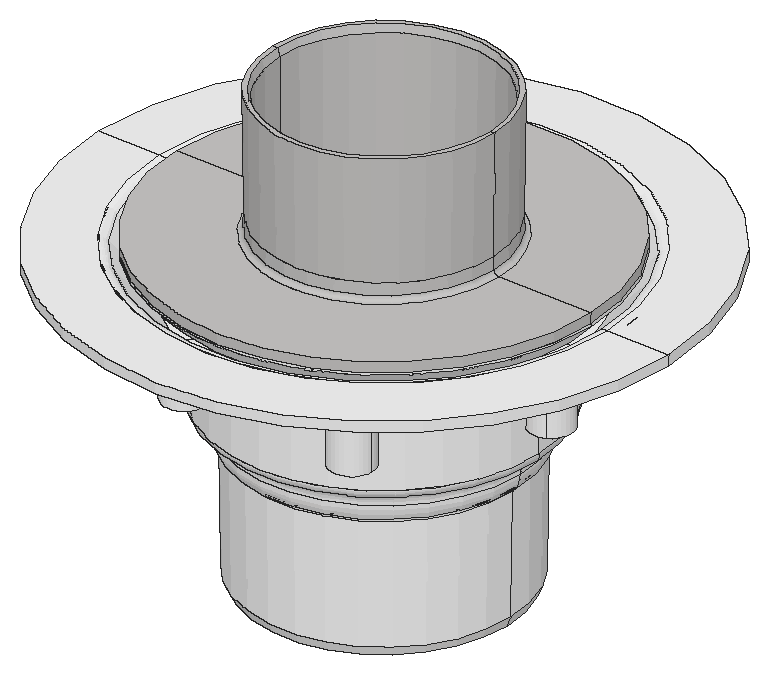
Revit family "3000.119 & 120 DPJ 80x100", category Plumbing Fixtures, Revit 2019
Family settings
  Round Connector Dimension = Use Diameter
  Part Type = Normal
  OmniClass Number = 23.45.00.00
  Work Plane-Based = No
  Always vertical = Yes
  Cut with Voids When Loaded = No
  Shared = No
  Room Calculation Point = No
Parameters (values of type "DPJ 80x100nv")
  Waste Connection = yes
  Vent Connection = no
  V = not(NV)  # no
  URL = "www.aquaknight.co.nz"
  Phone = "+6498322214"  # constant formula
  NV = yes
  Model = "3000.120"
  Manufacturer = "Aquanight Industries Ltd"  # constant formula
  Inlet = 31.5 mm
  HW Connection = no
  Email = "info@aquaknight.co.nz"  # constant formula
  Description = "DownPipe Junction 80x100 non-vented"
  CW Connection = no
Types (2, lengths in mm): name | V | NV | Model | Inlet | Description
  DPJ 80x100v | yes | no | "3000.119" | 25.5 | "DownPipe Junction 80x100 vented"
  DPJ 80x100nv | no | yes | "3000.120" | 31.5 | "DownPipe Junction 80x100 non-vented"
Reference planes
  plane 1 "Center (Front/Back)": y = 0
  plane 2: z = 0
  plane 3 "Center (Left/Right)": x = 0
  plane 4: z = -95
  plane 5: z = 31.5
Forms (mm)
  Revolve 1, solid, material "Plastic, Glossy White"
    sketch origin (0, 0, -4) x (1, 0, 0) y (0, 0, 1)
      loop
        line (72.739, -12.5) -> (58.75, -12.5) -> (58.418, -50.494)
        arc (58.418, -50.494) -> (53.232, -54.057) -> (51.2, -60.012) r 10
        arc (51.2, -60.012) -> (50.504, -63.207) -> (48.588, -65.857) r 8
        line (48.588, -65.857) -> (47.921, -116.857) -> (49.9, -116.857) -> (51.4, -113.357) -> (52, -67.477)
        arc (52, -67.477) -> (52.488, -66.33) -> (53.642, -65.857) r 1.642
        arc (53.642, -65.857) -> (54.791, -63.051) -> (55.2, -60.047) r 12
        arc (55.2, -60.047) -> (56.482, -56.392) -> (59.73, -54.282) r 6
        arc (59.73, -54.282) -> (61.906, -52.862) -> (62.75, -50.404) r 4
        line (62.75, -50.404) -> (62.75, -19.5) -> (74.07, -19.5)
        arc (74.07, -19.5) -> (76.898, -18.328) -> (78.07, -15.5) r 4
        line (78.07, -15.5) -> (78.07, -13.633)
        arc (78.07, -13.633) -> (78.244, -12.717) -> (78.742, -11.928) r 2.5
        line (78.742, -11.928) -> (89.123, -0.795)
        arc (89.123, -0.795) -> (89.955, -0.207) -> (90.951, 0) r 2.5
        line (90.951, 0) -> (115, 0) -> (115, 4) -> (90.299, 4)
        arc (90.299, 4) -> (88.306, 3.585) -> (86.643, 2.41) r 5
        line (86.643, 2.41) -> (72.739, -12.5)
      loop
        line (59.25, -5.1) -> (75.5, -5.1) -> (83.653, 3.053) -> (83.653, 4) -> (75.25, 4) -> (75.25, -0.6) -> (59.25, -0.6) -> (59.25, -5.1)
      axis (0, 4) -> (0, -116.857)
    angle from 0 to 360
  Extrusion 2, solid, material "Plastic, Glossy White", detail levels fine
    sketch origin (0, 0, -4) x (1, 0, 0) y (0, 1, 0)
      loop
        circle (67.55, 0) r 8.2
      loop
        circle (33.775, 58.5) r 8.2
      loop
        circle (33.775, -58.5) r 8.2
      loop
        circle (-67.55, 0) r 8.2
      loop
        circle (-33.775, 58.5) r 8.2
      loop
        circle (-33.775, -58.5) r 8.2
    from -38.379 to -12.5
  Extrusion 3, void
    sketch origin (0, -279.02, 0) x (1, 0, 0) y (0, 1, 0)
      loop
        arc (-0.18, 349.42) -> (-3.971, 349.308) -> (-7.75, 348.992) r 70.4
        line (-7.75, 348.992) -> (-4.36, 325.565) -> (-0.91, 325.744) -> (-0.18, 349.42)
      loop
        arc (-12.402, 348.319) -> (-16.116, 347.551) -> (-19.783, 346.583) r 70.4
        line (-19.783, 346.583) -> (-12.377, 324.1) -> (-9.01, 324.876) -> (-12.402, 348.319)
      loop
        arc (-24.247, 345.113) -> (-27.771, 343.711) -> (-31.215, 342.122) r 70.4
        line (-31.215, 342.122) -> (-20.017, 321.266) -> (-16.836, 322.615) -> (-24.247, 345.113)
      loop
        arc (-35.356, 339.898) -> (-38.583, 337.906) -> (-41.698, 335.743) r 70.4
        line (-41.698, 335.743) -> (-27.049, 317.149) -> (-24.15, 319.029) -> (-35.356, 339.898)
      loop
        arc (-45.39, 332.834) -> (-48.222, 330.311) -> (-50.914, 327.64) r 70.4
        line (-50.914, 327.64) -> (-33.259, 311.872) -> (-30.731, 314.228) -> (-45.39, 332.834)
      loop
        arc (-54.045, 324.135) -> (-56.396, 321.159) -> (-58.584, 318.06) r 70.4
        line (-58.584, 318.06) -> (-38.458, 305.598) -> (-36.378, 308.357) -> (-54.045, 324.135)
      loop
        arc (-61.058, 314.064) -> (-62.857, 310.725) -> (-64.473, 307.294) r 70.4
        line (-64.473, 307.294) -> (-42.489, 298.516) -> (-40.919, 301.594) -> (-61.058, 314.064)
      loop
        arc (-66.216, 302.929) -> (-67.407, 299.329) -> (-68.403, 295.669) r 70.4
        line (-68.403, 295.669) -> (-45.229, 290.842) -> (-44.218, 294.146) -> (-66.216, 302.929)
      loop
        arc (-69.361, 291.068) -> (-69.91, 287.315) -> (-70.255, 283.538) r 70.4
        line (-70.255, 283.538) -> (-46.595, 282.808) -> (-46.172, 286.238) -> (-69.361, 291.068)
      loop
        arc (-70.4, 278.84) -> (-70.288, 275.049) -> (-69.972, 271.27) r 70.4
        line (-69.972, 271.27) -> (-46.545, 274.66) -> (-46.724, 278.11) -> (-70.4, 278.84)
      loop
        arc (-69.299, 266.618) -> (-68.531, 262.904) -> (-67.563, 259.237) r 70.4
        line (-67.563, 259.237) -> (-45.08, 266.643) -> (-45.856, 270.01) -> (-69.299, 266.618)
      loop
        arc (-66.093, 254.773) -> (-64.691, 251.249) -> (-63.102, 247.805) r 70.4
        line (-63.102, 247.805) -> (-42.246, 259.003) -> (-43.595, 262.184) -> (-66.093, 254.773)
      loop
        arc (-60.878, 243.665) -> (-58.886, 240.437) -> (-56.723, 237.322) r 70.4
        line (-56.723, 237.322) -> (-38.129, 251.972) -> (-40.009, 254.87) -> (-60.878, 243.665)
      loop
        arc (-53.814, 233.63) -> (-51.291, 230.798) -> (-48.62, 228.106) r 70.4
        line (-48.62, 228.106) -> (-32.852, 245.761) -> (-35.208, 248.289) -> (-53.814, 233.63)
      loop
        arc (-45.114, 224.975) -> (-42.138, 222.624) -> (-39.04, 220.437) r 70.4
        line (-39.04, 220.437) -> (-26.578, 240.562) -> (-29.337, 242.642) -> (-45.114, 224.975)
      loop
        arc (-35.044, 217.962) -> (-31.705, 216.164) -> (-28.274, 214.547) r 70.4
        line (-28.274, 214.547) -> (-19.496, 236.531) -> (-22.574, 238.101) -> (-35.044, 217.962)
      loop
        arc (-23.909, 212.804) -> (-20.309, 211.613) -> (-16.649, 210.617) r 70.4
        line (-16.649, 210.617) -> (-11.822, 233.791) -> (-15.126, 234.803) -> (-23.909, 212.804)
      loop
        arc (-12.048, 209.659) -> (-8.295, 209.11) -> (-4.518, 208.765) r 70.4
        line (-4.518, 208.765) -> (-3.788, 232.425) -> (-7.217, 232.848) -> (-12.048, 209.659)
      loop
        arc (0.18, 208.62) -> (3.971, 208.732) -> (7.75, 209.048) r 70.4
        line (7.75, 209.048) -> (4.36, 232.475) -> (0.91, 232.296) -> (0.18, 208.62)
      loop
        arc (12.402, 209.721) -> (16.116, 210.489) -> (19.783, 211.457) r 70.4
        line (19.783, 211.457) -> (12.377, 233.94) -> (9.01, 233.164) -> (12.402, 209.721)
      loop
        arc (24.247, 212.927) -> (27.771, 214.329) -> (31.215, 215.918) r 70.4
        line (31.215, 215.918) -> (20.017, 236.774) -> (16.836, 235.425) -> (24.247, 212.927)
      loop
        arc (35.356, 218.142) -> (38.583, 220.134) -> (41.698, 222.298) r 70.4
        line (41.698, 222.298) -> (27.049, 240.891) -> (24.15, 239.011) -> (35.356, 218.142)
      loop
        arc (45.39, 225.206) -> (48.222, 227.729) -> (50.914, 230.4) r 70.4
        line (50.914, 230.4) -> (33.259, 246.168) -> (30.731, 243.812) -> (45.39, 225.206)
      loop
        arc (54.045, 233.906) -> (56.396, 236.882) -> (58.584, 239.98) r 70.4
        line (58.584, 239.98) -> (38.458, 252.442) -> (36.378, 249.683) -> (54.045, 233.906)
      loop
        arc (61.058, 243.976) -> (62.857, 247.315) -> (64.473, 250.746) r 70.4
        line (64.473, 250.746) -> (42.489, 259.524) -> (40.919, 256.446) -> (61.058, 243.976)
      loop
        arc (66.216, 255.111) -> (67.407, 258.711) -> (68.403, 262.371) r 70.4
        line (68.403, 262.371) -> (45.229, 267.198) -> (44.218, 263.894) -> (66.216, 255.111)
      loop
        arc (69.361, 266.972) -> (69.91, 270.725) -> (70.255, 274.502) r 70.4
        line (70.255, 274.502) -> (46.595, 275.232) -> (46.172, 271.803) -> (69.361, 266.972)
      loop
        arc (70.4, 279.2) -> (70.288, 282.991) -> (69.972, 286.77) r 70.4
        line (69.972, 286.77) -> (46.545, 283.38) -> (46.724, 279.93) -> (70.4, 279.2)
      loop
        arc (69.299, 291.422) -> (68.531, 295.136) -> (67.563, 298.803) r 70.4
        line (67.563, 298.803) -> (45.08, 291.397) -> (45.856, 288.03) -> (69.299, 291.422)
      loop
        arc (66.093, 303.267) -> (64.691, 306.791) -> (63.102, 310.235) r 70.4
        line (63.102, 310.235) -> (42.246, 299.037) -> (43.595, 295.856) -> (66.093, 303.267)
      loop
        arc (60.878, 314.376) -> (58.886, 317.603) -> (56.723, 320.718) r 70.4
        line (56.723, 320.718) -> (38.129, 306.069) -> (40.009, 303.17) -> (60.878, 314.376)
      loop
        arc (53.814, 324.41) -> (51.291, 327.242) -> (48.62, 329.934) r 70.4
        line (48.62, 329.934) -> (32.852, 312.279) -> (35.208, 309.751) -> (53.814, 324.41)
      loop
        arc (45.114, 333.065) -> (42.138, 335.416) -> (39.04, 337.604) r 70.4
        line (39.04, 337.604) -> (26.578, 317.478) -> (29.337, 315.398) -> (45.114, 333.065)
      loop
        arc (35.044, 340.078) -> (31.705, 341.877) -> (28.274, 343.493) r 70.4
        line (28.274, 343.493) -> (19.496, 321.509) -> (22.574, 319.939) -> (35.044, 340.078)
      loop
        arc (23.909, 345.236) -> (20.309, 346.427) -> (16.649, 347.423) r 70.4
        line (16.649, 347.423) -> (11.822, 324.249) -> (15.126, 323.238) -> (23.909, 345.236)
      loop
        arc (12.048, 348.382) -> (8.295, 348.93) -> (4.518, 349.275) r 70.4
        line (4.518, 349.275) -> (3.788, 325.615) -> (7.217, 325.192) -> (12.048, 348.382)
    from -4 to 20.59
  Revolve 4, solid, visible <- "V"
    sketch origin (0, 0, 0) x (1, 0, 0) y (0, 0, 1)
      loop
        line (41.984, 47.895) -> (41.365, 0.577)
        arc (41.365, 0.577) -> (41.231, -0.061) -> (40.868, -0.601) r 1.698
        line (40.868, -0.601) -> (37.833, -3.636) -> (37.534, -7.06) -> (37.62, -8.048) -> (39.046, -8.048) -> (41.818, -4.6) -> (74.75, -4.6) -> (74.75, -0.629) -> (46.258, -0.629)
        arc (46.258, -0.629) -> (44.847, -0.059) -> (44.228, 1.332) r 2.031
        line (44.228, 1.332) -> (44.034, 5.895) -> (44.624, 50.895) -> (42.83, 50.895) -> (41.984, 47.895)
      axis (0, 50.895) -> (0, -8.048)
    angle from 0 to 360
  Revolve 5, solid, material "Stainless Steel", visible <- "NV"
    sketch origin (0, 0, 0) x (1, 0, 0) y (0, 0, 1)
      loop
        line (-44.78, 55.395) -> (-44.191, 10.395) -> (-44.385, 5.83)
        arc (-44.385, 5.83) -> (-44.994, 4.461) -> (-46.383, 3.9) r 2
        line (-46.383, 3.9) -> (-83.625, 3.9) -> (-83.625, 0) -> (-42.062, 0) -> (-38.984, -3.54) -> (-37.989, -3.54) -> (-37.989, 0.864) -> (-41.512, 4.387) -> (-42.14, 52.395) -> (-42.986, 55.395) -> (-44.78, 55.395)
      axis (0, 55.395) -> (0, -3.54)
    angle from 0 to 360
Cuts and joins
  Extrusion 3 cuts Revolve 4
Lines and regions (mm)
  Masking region 1
    outline origin (0, 0, 0) x (1, 0, 0) y (0, 1, 0)
      loop
        circle (0, 0) r 115
  model lines, detail levels fine
    curve 1: circle (53.5, 92.665, 0) r 4.5 normal (0, 0, 1)
    curve 2: circle (107, 0, 0) r 4.5 normal (0, 0, -1)
    curve 3: circle (53.5, -92.665, 0) r 4.5 normal (0, 0, -1)
    curve 4: circle (-53.5, 92.665, 0) r 4.5 normal (0, 0, -1)
    curve 5: circle (-107, 0, 0) r 4.5 normal (0, 0, 1)
    curve 6: circle (-53.5, -92.665, 0) r 4.5 normal (0, 0, 1)
  symbolic lines
    curve 7: circle (0, 0, 0) r 40 normal (0, 0, 1)
    curve 10: circle (0, 0, 0) r 83.625 normal (0, 0, 1)
  symbolic lines, visible <- "V"
    curve 8: circle (0, 0, 0) r 46.804 normal (0, 0, 1)
    curve 9: circle (0, 0, 0) r 70.4 normal (0, 0, 1)
Dimensions and locks
  locked: level to plane 4 at 95
  locked: connector elem to plane 1 "Center (Front/Back)" at 0
  locked: connector elem to plane 3 "Center (Left/Right)" at 0
  "Inlet": plane 5 to level
  cut or joined group of Extrusion 3, Revolve 4 to level = 50.895 mm
  locked: connector elem to plane 1 "Center (Front/Back)"
  aligned and locked: level to plane 2
  aligned and locked: Revolve 4 sketch curve to plane 3 "Center (Left/Right)"
  aligned and locked: Revolve 5 sketch curve to plane 3 "Center (Left/Right)"
Automatic sketch dimensions
  Revolve 1 sketch curve to Revolve 1 sketch curve = 0 mm  (x7)
  Revolve 1 sketch curve to plane 3 "Center (Left/Right)" = 0 mm
  Revolve 1 sketch curve to level = 0 mm  (x2)
  plane 3 "Center (Left/Right)" to Revolve 1 sketch curve = 43.2 mm
  plane 3 "Center (Left/Right)" to Revolve 1 sketch curve = 47.921 mm
  plane 4 to Revolve 1 sketch curve = 25.143 mm
  Revolve 1 sketch curve to Revolve 1 sketch curve = 5.387 mm
  Revolve 1 sketch curve to Revolve 1 sketch curve = 1.979 mm
  Revolve 1 sketch curve to plane 4 = 22.357 mm
  Revolve 1 sketch curve to Revolve 1 sketch curve = 1.5 mm  (x2)
  plane 4 to Revolve 1 sketch curve = 23.523 mm
  Revolve 1 sketch curve to Revolve 1 sketch curve = 3.412 mm
  Revolve 1 sketch curve to Revolve 1 sketch curve = 1.642 mm
  Revolve 1 sketch curve to Revolve 1 sketch curve = 4.777 mm
  Revolve 1 sketch curve to Revolve 1 sketch curve = 0.332 mm
  Revolve 1 sketch curve to level = 16.5 mm
  Revolve 1 sketch curve to level = 4.6 mm
  Revolve 1 sketch curve to Revolve 1 sketch curve = 0.5 mm
  Revolve 1 sketch curve to Revolve 1 sketch curve = 2.781 mm
  Revolve 1 sketch curve to Revolve 1 sketch curve = 4 mm  (x2)
  Revolve 1 sketch curve to Revolve 1 sketch curve = 9.989 mm
  Revolve 1 sketch curve to Revolve 1 sketch curve = 1.331 mm
  Revolve 1 sketch curve to Revolve 1 sketch curve = 2.511 mm
  Revolve 1 sketch curve to Revolve 1 sketch curve = 0.25 mm
  Revolve 1 sketch curve to level = 15.928 mm
  Revolve 1 sketch curve to Revolve 1 sketch curve = 0.672 mm
  Revolve 1 sketch curve to Revolve 1 sketch curve = 1.828 mm
  Revolve 1 sketch curve to level = 0.947 mm
  Revolve 1 sketch curve to Revolve 1 sketch curve = 8.403 mm
  Revolve 1 sketch curve to level = 1.59 mm
  Revolve 1 sketch curve to Revolve 1 sketch curve = 2.99 mm
  Revolve 1 sketch curve to level = 4.795 mm
  Revolve 1 sketch curve to Revolve 1 sketch curve = 2.481 mm
  Revolve 1 sketch curve to Revolve 1 sketch curve = 3.657 mm
  Revolve 1 sketch curve to Revolve 1 sketch curve = 0.652 mm
  Revolve 1 sketch curve to Revolve 1 sketch curve = 24.049 mm
  Revolve 1 sketch curve to Revolve 1 sketch curve = 3.5 mm
  Revolve 1 sketch curve to Revolve 1 sketch curve = 0.021 mm
  Revolve 1 sketch curve to Revolve 1 sketch curve = 5.757 mm
  Revolve 1 sketch curve to Revolve 1 sketch curve = 5.914 mm
  Revolve 1 sketch curve to Revolve 1 sketch curve = 9.605 mm
  Revolve 1 sketch curve to Revolve 1 sketch curve = 0.09 mm
  Revolve 1 sketch curve to Revolve 1 sketch curve = 7 mm
  Revolve 1 sketch curve to Revolve 1 sketch curve = 4.5 mm
  Revolve 1 sketch curve to Revolve 1 sketch curve = 336.074 mm
  level to Revolve 1 sketch curve = 2441.244 mm
  plane 1 "Center (Front/Back)" to Extrusion 2 sketch curve = 0 mm  (x2)
  plane 3 "Center (Left/Right)" to Extrusion 2 sketch curve = 33.775 mm  (x2)
  Extrusion 2 sketch curve to Extrusion 2 sketch curve = 33.775 mm  (x2)
  plane 1 "Center (Front/Back)" to Extrusion 2 sketch curve = 58.5 mm  (x2)
  Extrusion 2 sketch curve to plane 1 "Center (Front/Back)" = 58.5 mm  (x2)
  plane 3 "Center (Left/Right)" to curve 1 = 53.5 mm
  curve 1 to plane 1 "Center (Front/Back)" = 92.665 mm
  Revolve 4 sketch curve to level = 7.06 mm
  plane 3 "Center (Left/Right)" to Revolve 4 sketch curve = 37.534 mm
  Revolve 4 sketch curve to Revolve 4 sketch curve = 0.086 mm
  Revolve 4 sketch curve to level = 3.636 mm
  Revolve 4 sketch curve to Revolve 4 sketch curve = 0.3 mm
  Revolve 4 sketch curve to level = 8.048 mm
  Revolve 4 sketch curve to Revolve 4 sketch curve = 1.426 mm
  level to Revolve 4 sketch curve = 0.599 mm
  Revolve 4 sketch curve to Revolve 4 sketch curve = 1.834 mm
  Revolve 4 sketch curve to level = 0.601 mm
  Revolve 4 sketch curve to Revolve 4 sketch curve = 1.2 mm
  level to Revolve 4 sketch curve = 0.577 mm
  Revolve 4 sketch curve to Revolve 4 sketch curve = 3.985 mm
  plane 3 "Center (Left/Right)" to Revolve 4 sketch curve = 41.984 mm
  Revolve 4 sketch curve to Revolve 4 sketch curve = 0.846 mm
  level to Revolve 4 sketch curve = 1.332 mm
  Revolve 4 sketch curve to Revolve 4 sketch curve = 2.864 mm
  Revolve 4 sketch curve to Revolve 4 sketch curve = 1.793 mm
  Revolve 4 sketch curve to Revolve 4 sketch curve = 2.03 mm
  Revolve 4 sketch curve to level = 0.629 mm
  Revolve 4 sketch curve to Revolve 4 sketch curve = 28.492 mm
  Revolve 4 sketch curve to Revolve 4 sketch curve = 0.964 mm
  Revolve 4 sketch curve to Revolve 4 sketch curve = 46.564 mm
  Revolve 4 sketch curve to Revolve 4 sketch curve = 3 mm
  level to Revolve 4 sketch curve = 5.895 mm
  Revolve 4 sketch curve to Revolve 4 sketch curve = 0.194 mm
  level to Revolve 4 sketch curve = 5.9 mm
  Revolve 4 sketch curve to plane 4 = 357.931 mm
  Revolve 4 sketch curve to Revolve 4 sketch curve = 2394.348 mm
  Revolve 5 sketch curve to level = 0 mm
  Revolve 5 sketch curve to level = 3.54 mm
  Revolve 5 sketch curve to plane 3 "Center (Left/Right)" = 37.989 mm
  Revolve 5 sketch curve to Revolve 5 sketch curve = 0.995 mm
  level to Revolve 5 sketch curve = 4.387 mm
  Revolve 5 sketch curve to Revolve 5 sketch curve = 3.522 mm
  Revolve 5 sketch curve to Revolve 5 sketch curve = 4.072 mm
  Revolve 5 sketch curve to Revolve 5 sketch curve = 0.846 mm
  level to Revolve 5 sketch curve = 5.83 mm
  Revolve 5 sketch curve to Revolve 5 sketch curve = 2.873 mm
  Revolve 5 sketch curve to Revolve 5 sketch curve = 1.793 mm
  Revolve 5 sketch curve to Revolve 5 sketch curve = 1.999 mm
  level to Revolve 5 sketch curve = 3.9 mm
  level to Revolve 5 sketch curve = 0.864 mm
  Revolve 5 sketch curve to Revolve 5 sketch curve = 46.565 mm
  Revolve 5 sketch curve to Revolve 5 sketch curve = 3 mm
  level to Revolve 5 sketch curve = 10.395 mm
  Revolve 5 sketch curve to Revolve 5 sketch curve = 0.194 mm
  level to Revolve 5 sketch curve = 10.4 mm
  Revolve 5 sketch curve to Revolve 5 sketch curve = 0.034 mm
  Revolve 5 sketch curve to plane 4 = 357.931 mm
  Revolve 5 sketch curve to Revolve 5 sketch curve = 2389.848 mm
  Extrusion 3 sketch curve to Extrusion 3 sketch curve = 0 mm  (x70)
  plane 1 "Center (Front/Back)" to Extrusion 3 sketch curve = 0 mm
  Extrusion 3 sketch curve to plane 3 "Center (Left/Right)" = 0 mm
  Extrusion 3 sketch curve to plane 3 "Center (Left/Right)" = 0.18 mm
  Extrusion 3 sketch curve to plane 3 "Center (Left/Right)" = 0.91 mm
  Extrusion 3 sketch curve to plane 3 "Center (Left/Right)" = 3.788 mm
  Extrusion 3 sketch curve to Extrusion 3 sketch curve = 3.45 mm  (x2)
  Extrusion 3 sketch curve to plane 3 "Center (Left/Right)" = 4.518 mm
  Extrusion 3 sketch curve to Extrusion 3 sketch curve = 3.429 mm  (x2)
  Extrusion 3 sketch curve to Extrusion 3 sketch curve = 7.571 mm  (x2)
  Extrusion 3 sketch curve to Extrusion 3 sketch curve = 4.649 mm  (x2)
  Extrusion 3 sketch curve to Extrusion 3 sketch curve = 4.604 mm  (x3)
  Extrusion 3 sketch curve to Extrusion 3 sketch curve = 7.53 mm  (x2)
  Extrusion 3 sketch curve to Extrusion 3 sketch curve = 3.367 mm  (x3)
  Extrusion 3 sketch curve to Extrusion 3 sketch curve = 4.651 mm  (x2)
  Extrusion 3 sketch curve to Extrusion 3 sketch curve = 3.304 mm  (x3)
  Extrusion 3 sketch curve to Extrusion 3 sketch curve = 4.601 mm  (x3)
  Extrusion 3 sketch curve to Extrusion 3 sketch curve = 4.459 mm  (x2)
  Extrusion 3 sketch curve to Extrusion 3 sketch curve = 4.371 mm  (x3)
  Extrusion 3 sketch curve to Extrusion 3 sketch curve = 7.381 mm  (x2)
  Extrusion 3 sketch curve to Extrusion 3 sketch curve = 3.181 mm  (x3)
  Extrusion 3 sketch curve to Extrusion 3 sketch curve = 3.078 mm  (x4)
  Extrusion 3 sketch curve to Extrusion 3 sketch curve = 7.26 mm  (x2)
  Extrusion 3 sketch curve to Extrusion 3 sketch curve = 4.133 mm  (x4)
  Extrusion 3 sketch curve to Extrusion 3 sketch curve = 4.464 mm  (x3)
  Extrusion 3 sketch curve to Extrusion 3 sketch curve = 4.004 mm  (x3)
  Extrusion 3 sketch curve to Extrusion 3 sketch curve = 2.898 mm  (x4)
  Extrusion 3 sketch curve to Extrusion 3 sketch curve = 4.365 mm  (x3)
  Extrusion 3 sketch curve to Extrusion 3 sketch curve = 2.759 mm  (x4)
  Extrusion 3 sketch curve to Extrusion 3 sketch curve = 3.682 mm  (x4)
  Extrusion 3 sketch curve to Extrusion 3 sketch curve = 6.968 mm  (x2)
  Extrusion 3 sketch curve to Extrusion 3 sketch curve = 3.516 mm  (x4)
  Extrusion 3 sketch curve to Extrusion 3 sketch curve = 2.528 mm  (x4)
  Extrusion 3 sketch curve to Extrusion 3 sketch curve = 6.77 mm  (x2)
  Extrusion 3 sketch curve to Extrusion 3 sketch curve = 2.355 mm  (x4)
  Extrusion 3 sketch curve to Extrusion 3 sketch curve = 4.141 mm  (x3)
  Extrusion 3 sketch curve to Extrusion 3 sketch curve = 3.119 mm  (x4)
  Extrusion 3 sketch curve to Extrusion 3 sketch curve = 2.921 mm  (x4)
  Extrusion 3 sketch curve to Extrusion 3 sketch curve = 2.08 mm  (x4)
  Extrusion 3 sketch curve to Extrusion 3 sketch curve = 3.996 mm  (x4)
  Extrusion 3 sketch curve to Extrusion 3 sketch curve = 1.881 mm  (x4)
  Extrusion 3 sketch curve to Extrusion 3 sketch curve = 2.461 mm  (x4)
  Extrusion 3 sketch curve to Extrusion 3 sketch curve = 6.342 mm  (x2)
  Extrusion 3 sketch curve to Extrusion 3 sketch curve = 2.237 mm  (x4)
  Extrusion 3 sketch curve to Extrusion 3 sketch curve = 1.57 mm  (x4)
  Extrusion 3 sketch curve to Extrusion 3 sketch curve = 1.349 mm  (x4)
  Extrusion 3 sketch curve to Extrusion 3 sketch curve = 1.729 mm  (x4)
  Extrusion 3 sketch curve to Extrusion 3 sketch curve = 1.485 mm  (x4)
  Extrusion 3 sketch curve to Extrusion 3 sketch curve = 6.074 mm  (x2)
  Extrusion 3 sketch curve to Extrusion 3 sketch curve = 1.011 mm  (x4)
  Extrusion 3 sketch curve to Extrusion 3 sketch curve = 3.692 mm  (x4)
  plane 1 "Center (Front/Back)" to Extrusion 3 sketch curve = 9.01 mm
  Extrusion 3 sketch curve to Extrusion 3 sketch curve = 0.776 mm  (x4)
  Extrusion 3 sketch curve to plane 1 "Center (Front/Back)" = 7.217 mm
  Extrusion 3 sketch curve to Extrusion 3 sketch curve = 0.943 mm  (x4)
  plane 1 "Center (Front/Back)" to Extrusion 3 sketch curve = 4.36 mm
  Extrusion 3 sketch curve to Extrusion 3 sketch curve = 0.688 mm  (x4)
  Extrusion 3 sketch curve to plane 1 "Center (Front/Back)" = 3.788 mm
  Extrusion 3 sketch curve to Extrusion 3 sketch curve = 0.422 mm  (x4)
  plane 1 "Center (Front/Back)" to Extrusion 3 sketch curve = 0.91 mm
  Extrusion 3 sketch curve to Extrusion 3 sketch curve = 0.18 mm  (x4)
  Extrusion 3 sketch curve to Extrusion 3 sketch curve = 3.505 mm  (x4)
  Extrusion 3 sketch curve to Extrusion 3 sketch curve = 5.525 mm  (x2)
  Extrusion 3 sketch curve to Extrusion 3 sketch curve = 5.194 mm  (x2)
  Extrusion 3 sketch curve to Extrusion 3 sketch curve = 3.131 mm  (x4)
  Extrusion 3 sketch curve to Extrusion 3 sketch curve = 2.909 mm  (x4)
  Extrusion 3 sketch curve to Extrusion 3 sketch curve = 4.539 mm  (x2)
  Extrusion 3 sketch curve to Extrusion 3 sketch curve = 2.474 mm  (x4)
  plane 1 "Center (Front/Back)" to Extrusion 3 sketch curve = 0.18 mm
  Extrusion 3 sketch curve to Extrusion 3 sketch curve = 0.145 mm
  plane 3 "Center (Left/Right)" to Extrusion 3 sketch curve = 0.18 mm
  plane 3 "Center (Left/Right)" to Extrusion 3 sketch curve = 0.91 mm
  plane 3 "Center (Left/Right)" to Extrusion 3 sketch curve = 3.788 mm
  plane 3 "Center (Left/Right)" to Extrusion 3 sketch curve = 4.518 mm
  Extrusion 3 sketch curve to plane 1 "Center (Front/Back)" = 20.017 mm
  plane 1 "Center (Front/Back)" to Extrusion 3 sketch curve = 19.496 mm
  Extrusion 3 sketch curve to plane 1 "Center (Front/Back)" = 16.836 mm
  plane 1 "Center (Front/Back)" to Extrusion 3 sketch curve = 15.126 mm
  Extrusion 3 sketch curve to plane 1 "Center (Front/Back)" = 12.377 mm
  plane 1 "Center (Front/Back)" to Extrusion 3 sketch curve = 11.822 mm
  Extrusion 3 sketch curve to plane 1 "Center (Front/Back)" = 9.01 mm
  plane 1 "Center (Front/Back)" to Extrusion 3 sketch curve = 7.217 mm
  Extrusion 3 sketch curve to plane 1 "Center (Front/Back)" = 4.36 mm
  plane 1 "Center (Front/Back)" to Extrusion 3 sketch curve = 3.788 mm
  Extrusion 3 sketch curve to plane 1 "Center (Front/Back)" = 0.91 mm
  Extrusion 3 sketch curve to plane 1 "Center (Front/Back)" = 35.356 mm
  Extrusion 3 sketch curve to Extrusion 3 sketch curve = 4.156 mm
  Extrusion 3 sketch curve to plane 1 "Center (Front/Back)" = 31.215 mm
  Extrusion 3 sketch curve to Extrusion 3 sketch curve = 2.223 mm  (x4)
  plane 1 "Center (Front/Back)" to Extrusion 3 sketch curve = 28.274 mm
  Extrusion 3 sketch curve to Extrusion 3 sketch curve = 3.415 mm  (x2)
  Extrusion 3 sketch curve to plane 1 "Center (Front/Back)" = 24.247 mm
  plane 1 "Center (Front/Back)" to Extrusion 3 sketch curve = 23.909 mm
  Extrusion 3 sketch curve to Extrusion 3 sketch curve = 1.743 mm  (x4)
  Extrusion 3 sketch curve to plane 1 "Center (Front/Back)" = 19.783 mm
  Extrusion 3 sketch curve to Extrusion 3 sketch curve = 1.471 mm  (x4)
  plane 1 "Center (Front/Back)" to Extrusion 3 sketch curve = 16.649 mm
  Extrusion 3 sketch curve to plane 1 "Center (Front/Back)" = 12.402 mm
  plane 1 "Center (Front/Back)" to Extrusion 3 sketch curve = 12.048 mm
  Extrusion 3 sketch curve to Extrusion 3 sketch curve = 0.958 mm  (x4)
  Extrusion 3 sketch curve to plane 1 "Center (Front/Back)" = 7.75 mm
  Extrusion 3 sketch curve to Extrusion 3 sketch curve = 0.673 mm  (x3)
  plane 1 "Center (Front/Back)" to Extrusion 3 sketch curve = 4.518 mm
  Extrusion 3 sketch curve to plane 1 "Center (Front/Back)" = 0.18 mm
  Extrusion 3 sketch curve to Extrusion 3 sketch curve = 15.712 mm
  Extrusion 3 sketch curve to Extrusion 3 sketch curve = 27.605 mm
  Extrusion 3 sketch curve to Extrusion 3 sketch curve = 5.32 mm
  Extrusion 3 sketch curve to plane 1 "Center (Front/Back)" = 4.518 mm
  Extrusion 2 sketch curve to plane 3 "Center (Left/Right)" = 33.775 mm  (x2)
  Extrusion 3 sketch curve to Extrusion 3 sketch curve = 6.379 mm
  Extrusion 3 sketch curve to plane 1 "Center (Front/Back)" = 28.274 mm
  plane 1 "Center (Front/Back)" to Extrusion 3 sketch curve = 24.247 mm
  Extrusion 3 sketch curve to Extrusion 3 sketch curve = 2.991 mm
  Extrusion 3 sketch curve to plane 1 "Center (Front/Back)" = 16.649 mm
  plane 1 "Center (Front/Back)" to Extrusion 3 sketch curve = 12.402 mm
  Revolve 5 sketch curve to Revolve 5 sketch curve = 37.242 mm
  Revolve 5 sketch curve to plane 3 "Center (Left/Right)" = 44.78 mm
  plane 1 "Center (Front/Back)" to Masking region 1 sketch curve = 0 mm
  Masking region 1 sketch curve to plane 3 "Center (Left/Right)" = 0 mm
  curve 7 to curve 8 = 0 mm  (x2)
  curve 7 to curve 9 = 0 mm  (x2)
  curve 7 to curve 10 = 0 mm  (x2)
  curve 8 to curve 9 = 0 mm  (x2)
  curve 8 to curve 10 = 0 mm  (x2)
  curve 9 to curve 10 = 0 mm  (x2)
  plane 1 "Center (Front/Back)" to curve 9 = 0 mm
  plane 1 "Center (Front/Back)" to curve 5 = 0 mm
  plane 1 "Center (Front/Back)" to curve 2 = 0 mm
  curve 9 to plane 3 "Center (Left/Right)" = 0 mm
  plane 1 "Center (Front/Back)" to curve 6 = 92.665 mm
  plane 1 "Center (Front/Back)" to curve 3 = 92.665 mm
  curve 4 to plane 1 "Center (Front/Back)" = 92.665 mm
  plane 3 "Center (Left/Right)" to curve 3 = 53.5 mm
  curve 2 to curve 3 = 53.5 mm
  curve 4 to plane 3 "Center (Left/Right)" = 53.5 mm
  curve 6 to plane 3 "Center (Left/Right)" = 53.5 mm
  curve 4 to curve 5 = 53.5 mm
  radius of Extrusion 2 sketch curve = 8.2 mm  (x6)
  radius of curve 1 = 4.5 mm
  radius of Masking region 1 sketch curve = 115 mm
  radius of curve 2 = 4.5 mm
  radius of curve 3 = 4.5 mm
  radius of curve 4 = 4.5 mm
  radius of curve 5 = 4.5 mm
  radius of curve 6 = 4.5 mm
  radius of curve 7 = 40 mm
  radius of curve 8 = 46.804 mm
  radius of curve 9 = 70.4 mm
  radius of curve 10 = 83.625 mm
Connectors
  piping at (0, 0, -95), diameter 100
    settings: on plane 4, index 1, connector inside diameter 609.6 mm, connector length 0 mm, flow factor 0, pipe flow 0.0 L/s, pressure drop 0.0 Pa, fitting loss kfactor 0, connector angle 0.00°, fixture units 0, engagement length 0 mm, angle of deflection 0.00°, flow configuration 0, flow direction 0, fitting loss method 0, system type 28, joint type 0, gender type 0, connector reference index 2, connector utility 0, adjustable connector no, is connector primary no, connector description ""
  piping at (0, 0, 31.5), diameter 80
    settings: on plane 5, index 2, connector inside diameter 609.6 mm, connector length 0 mm, flow factor 0, pipe flow 0.0 L/s, pressure drop 0.0 Pa, fitting loss kfactor 0, connector angle 0.00°, fixture units 0, engagement length 0 mm, angle of deflection 0.00°, flow configuration 0, flow direction 0, fitting loss method 0, system type 28, joint type 0, gender type 0, connector reference index 1, connector utility 0, adjustable connector no, is connector primary yes, connector description ""
